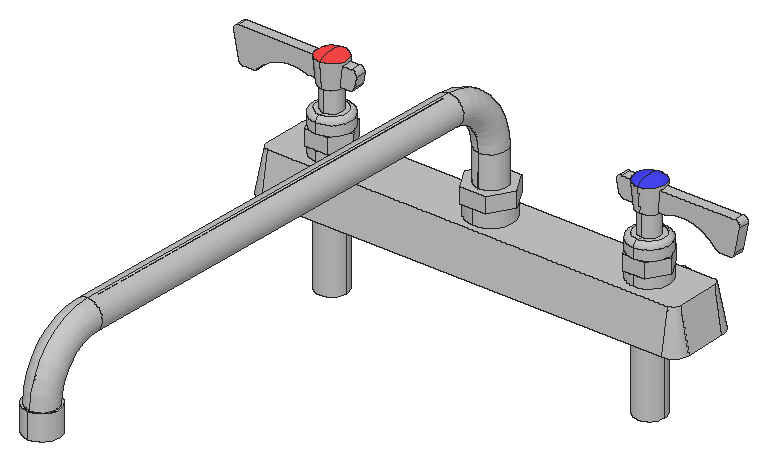
Revit family "Krowne_15-514L_DeckMount_Faucet", category Plumbing Fixtures, Revit 2018
Family settings
  Round Connector Dimension = Use Diameter
  Part Type = Normal
  OmniClass Number = 23.40.40.00
  OmniClass Title = Food Service Equipment and Furnishings
  Work Plane-Based = No
  Always vertical = Yes
  Cut with Voids When Loaded = No
  Shared = No
  Room Calculation Point = No
Parameters (values of type "DefaultType")
  Width = 12 3/4"
  Weight in Pounds = 5
  Watermarked By = ""
  Waste Water Discharge Temperature [instance] = -459.67 °F
  URL Cutsheet = ""
  URL = "https://krowne.com/"
  Status [instance] = ""
  Specification by User [instance] = ""
  Specification by Manufacturer [instance] = ""
  Serial Number [instance] = ""
  Revision Code [instance] = ""
  Plumbing Remarks [instance] = ""
  Plumbing Connection Type = ""
  NAFEM Spec ID Number [instance] = ""
  Model = "15-514L"
  Masterspec [instance] = ""
  Manufacturer = "Krowne Metal"
  KCLRef = "KCL2C9,,0004c596-0000-0000-0000-000000000307,KR,15-514L ,637110199420000000,f5f74cb2-02c1-405e-8a87-10dab4373c69,922ee592-067d-4c89-b397-e1cf95f7b197"
  KCL SpecSheet URL = "http://kclweb.kclcad.com/imagehandler.ashx?kdoc=15-5xxl&R=KR&M=15-514L%20&VC=7&TID=KCLWeb&T=doc"
  Item Number [instance] = "-"
  Installed By [instance] = ""
  Hot Water Temperature = 100 °F
  Hot Water Size = 1/2"
  Hot Water RI Height [instance] = 0"
  Hot Water Minimum Pressure = 0.00 psi
  Hot Water Maximum Pressure = 0.00 psi
  Hot Water Flow = 1.8 GPM
  Hot Water Consumption = 0 GPM
  Hot Water Connection Height = 0"
  Height = 3 3/8"
  Furnished By [instance] = ""
  Foodservice Equipment Identifier = yes
  Description = "Deck Mount Faucet"
  Depth = 1 7/8"
  Cold Water Temperature Recommended = -459.67 °F
  Cold Water Size = 1/2"
  Cold Water RI Height [instance] = 0"
  Cold Water Minimum Pressure = 0.00 psi
  Cold Water Maximum Pressure = 0.00 psi
  Cold Water Flow = 1.8 GPM
  Cold Water Consumption = ""
  Cold Water Connection Height = 0"
  CSI MasterFormat = ""
  Assembly Code = "E1090300"
Reference planes (in)
  plane 1 "BACK": y = 0
  plane 2: z = 0
  plane 3 "LEFT": x = -18.94073
  plane 4 "RIGHT": x = -6.19073
  plane 5 "FRONT": y = -1.875
  plane 6 "TOP": z = 3.375
  plane 7 "CENTER L/R": x = -12.56573
  plane 8 "Top of Body": z = 1.0625
  plane 9: y = -0.9375
  plane 10: z = 2.375
  plane 11: y = -15.0625
  plane 12: z = 4.75
Forms (in)
  Sweep 1, solid, material "QF_Stainless-Polished"
    path origin (-12.56573, 0, 0) x (0, 1, 0) y (0, 0, 1)
      loop
        line (-0.9375, 1.0625) -> (-0.9375, 2.61833)
        arc (-0.9375, 2.61833) -> (-1.32434, 3.57445) -> (-2.26719, 3.99258) r 1.375
        line (-2.26719, 3.99258) -> (-13.64219, 4.36758)
        arc (-13.64219, 4.36758) -> (-14.64362, 3.98149) -> (-15.0625, 2.99333) r 1.375
        line (-15.0625, 2.99333) -> (-15.0625, 2.375)
    profile origin (-12.56573, -0.9375, 1.84042) x (0, -1, 0) y (1, 0, 0)
      loop
        circle (0, 0) r 0.375
      loop
        circle (0, 0) r 0.25
  Extrusion 2, solid, material "QF_Stainless-Polished"
    sketch origin (0, 0, 1.0625) x (0, 1, 0) y (-1, 0, 0)
      loop
        circle (-0.9375, 12.56573) r 0.375
      loop
        circle (-0.9375, 12.56573) r 0.4375
    from 0 to 0.625
  Extrusion 3, solid, material "QF_Stainless-Polished"
    sketch origin (0, 0, 1.0625) x (0, 1, 0) y (-1, 0, 0)
      loop
        circle (-0.9375, 12.56573) r 0.5625
      loop
        circle (-0.9375, 12.56573) r 0.375
    from 0 to 0.375
  Extrusion 4, solid, material "QF_Stainless-Polished"
    sketch origin (0, 0, 1.4375) x (0, 1, 0) y (-1, 0, 0)
      loop
        line (-0.9375, 11.91391) -> (-0.37301, 12.23982) -> (-0.37301, 12.89163) -> (-0.9375, 13.21754) -> (-1.50199, 12.89163) -> (-1.50199, 12.23982) -> (-0.9375, 11.91391)
      loop
        circle (-0.9375, 12.56573) r 0.375
    from 0 to 0.375
  Extrusion 5, solid, material "QF_Stainless-Polished"
    sketch origin (-12.56573, -15.0625, 2.375) x (0, -1, 0) y (-1, 0, 0)
      loop
        circle (0, 0) r 0.375
      loop
        circle (0, 0) r 0.4375
    from 0 to -0.625
Lines and regions (in)
  symbolic lines
    curve 1: line (-12.23982, -0.37301, 0) -> (-12.89163, -0.37301, 0)
    curve 2: line (-12.89163, -0.37301, 0) -> (-13.21754, -0.9375, 0)
    curve 3: line (-13.21754, -0.9375, 0) -> (-12.94073, -1.41696, 0)
    curve 4: line (-12.19073, -1.41696, 0) -> (-11.91391, -0.9375, 0)
    curve 5: line (-11.91391, -0.9375, 0) -> (-12.23982, -0.37301, 0)
    curve 6: arc (-12.56573, -1.3125, 0) -> (-12.94073, -0.9375, 0) -> (-12.56573, -0.5625, 0) r 0.375
    curve 7: arc (-12.56573, -0.5625, 0) -> (-12.19073, -0.9375, 0) -> (-12.56573, -1.3125, 0) r 0.375
    curve 8: arc (-12.94073, -15.0625, 0) -> (-12.83089, -15.32767, 0) -> (-12.56573, -15.4375, 0) r 0.375
    curve 9: arc (-12.56573, -15.4375, 0) -> (-12.30056, -15.32767, 0) -> (-12.19073, -15.0625, 0) r 0.375
    curve 10: line (-12.94073, -15.0625, 0) -> (-12.94073, -0.9375, 0)
    curve 11: line (-12.19073, -0.9375, 0) -> (-12.19073, -15.0625, 0)
Dimensions and locks (in)
  "Width": plane 3 "LEFT" to plane 4 "RIGHT"
  "Depth": plane 5 "FRONT" to plane 1 "BACK"
  "Height": plane 6 "TOP" to plane 2
  plane 8 "Top of Body" to level = 1 1/16"
  equal spacing: plane 5 "FRONT", plane 9, plane 1 "BACK"
  equal spacing: plane 3 "LEFT", plane 7 "CENTER L/R", plane 4 "RIGHT"
  plane 10 to plane 8 "Top of Body" = 1 5/16"
  plane 11 to plane 1 "BACK" = 15 1/16"
  plane 12 to plane 8 "Top of Body" = 3 11/16"
  aligned and locked: level to plane 2
  aligned and locked: plane 9 to Sweep 1 sketch curve
  aligned and locked: Sweep 1 sketch curve to plane 11
  aligned and locked: plane 10 to Sweep 1 sketch curve
Automatic sketch dimensions
  Sweep 1 sketch curve to Sweep 1 sketch curve = 0"  (x2)
  Sweep 1 sketch curve to plane 7 "CENTER L/R" = 0"
  Sweep 1 sketch curve to profile plane = 0"
  Extrusion 2 sketch curve to Extrusion 2 sketch curve = 0"  (x2)
  Extrusion 2 sketch curve to plane 7 "CENTER L/R" = 0"
  plane 9 to Extrusion 2 sketch curve = 0"
  Extrusion 4 sketch curve to Extrusion 4 sketch curve = 0"  (x2)
  Extrusion 4 sketch curve to Extrusion 4 sketch curve = 0.56449"  (x2)
  Extrusion 4 sketch curve to Extrusion 4 sketch curve = 0.32591"  (x5)
  Extrusion 4 sketch curve to Extrusion 4 sketch curve = 0.65182"
  curve 8 to curve 9 = 0"
  plane 9 to curve 2 = 0"
  plane 11 to curve 10 = 0"
  plane 9 to curve 10 = 0"
  curve 6 to plane 7 "CENTER L/R" = 0"
  plane 9 to curve 11 = 0"
  plane 9 to curve 4 = 0"
  plane 9 to curve 6 = 0"
  curve 1 to plane 7 "CENTER L/R" = 0.32591"
  curve 10 to curve 8 = 3/8"
  curve 3 to curve 10 = 0.27682"
  plane 7 "CENTER L/R" to curve 5 = 0.32591"
  curve 11 to curve 4 = 0.27682"
  plane 1 "BACK" to curve 1 = 0.37301"
  curve 3 to curve 6 = 0.10446"
  curve 4 to curve 6 = 0.10446"
  Extrusion 3 sketch curve to Extrusion 3 sketch curve = 0"  (x2)
  Extrusion 3 sketch curve to plane 7 "CENTER L/R" = 0"
  plane 9 to Extrusion 3 sketch curve = 0"
  Sweep 1 sketch curve to plane 8 "Top of Body" = 0"
  Sweep 1 sketch curve to plane 6 "TOP" = 0.38167"
  Sweep 1 sketch curve to plane 12 = 0.38242"
  Sweep 1 sketch curve to Sweep 1 sketch curve = 0.04531"
  plane 5 "FRONT" to Sweep 1 sketch curve = 7/16"
  plane 5 "FRONT" to Sweep 1 sketch curve = 0.39219"
  plane 10 to Sweep 1 sketch curve = 0.24333"
  radius of Sweep 1 sketch curve = 3/8"
  radius of Sweep 1 sketch curve = 1/4"
  radius of Extrusion 2 sketch curve = 3/8"
  radius of Extrusion 2 sketch curve = 7/16"
  radius of Extrusion 4 sketch curve to Extrusion 3 = 0"
  radius of Extrusion 5 sketch curve to Sweep 1 = 0"
  radius of Sweep 1 to Extrusion 5 sketch curve = 1/16"
  radius of Extrusion 3 sketch curve = 9/16"
  radius of Extrusion 3 sketch curve = 3/8"
Nested families (in)
  nested 1: "QF_Krowne_15-5_Body" at (-0.1875, -0.03125, 0), type "QF_Krowne_15-5_Body"
Connectors (in)
  piping at (-16.56573, 0.21875, 0.53125), diameter 0.5, driven by "Hot Water Flow", driven by "Hot Water Size"
    settings: on nested 1, index 1, connector inside diameter 24", connector length 0", flow factor 0, pipe flow 1.8 GPM, pressure drop 0.00 psi, fitting loss kfactor 0, connector angle 0.00°, fixture units 0, engagement length 0", angle of deflection 0.00°, flow configuration 1, flow direction 1, fitting loss method 0, system type 19, joint type 0, gender type 0, connector reference index -1, connector utility 0, adjustable connector no, is connector primary yes, connector description "HOT WATER"
  piping at (-8.56573, 0.21875, 0.53125), diameter 0.5, driven by "Cold Water Flow", driven by "Cold Water Size"
    settings: on nested 1, index 2, connector inside diameter 24", connector length 0", flow factor 0, pipe flow 1.8 GPM, pressure drop 0.00 psi, fitting loss kfactor 0, connector angle 0.00°, fixture units 0, engagement length 0", angle of deflection 0.00°, flow configuration 1, flow direction 1, fitting loss method 0, system type 20, joint type 0, gender type 0, connector reference index -1, connector utility 0, adjustable connector no, is connector primary no, connector description "COLD WATER"
Definition of nested family "QF_Krowne_15-5_Body"
  Parameters (values of type "QF_Krowne_15-5_Body")
    Width = 12 3/4"
    Watermarked By = ""
    Height = 3 7/8"
    Description = ""
    Depth = 1 13/16"
  Reference planes (in)
    plane 1 "BACK": y = 0
    plane 2: z = 0
    plane 3 "LEFT": x = -18.75323
    plane 4 "RIGHT": x = -6.00323
    plane 5 "TOP": z = 3.1875
    plane 6 "Center": x = -12.37823
    plane 7 "Left of Handle": x = -16.37823
    plane 8 "Right of Handle": x = -8.37823
    plane 9 "Top of Body": z = 1.0625
    plane 10 "FRONT": y = -1.8125
    plane 11: x = -17.78448
    plane 12: x = -6.97198
    plane 13 "Faucet Handle Center": y = -0.90625
    plane 14: y = -0.78125
    plane 15: y = -1.03125
    plane 16: z = 0.53125
    plane 17: z = 3.375
  Forms (in)
    Blend 1, solid
      base sketch origin (0, 0, 0) x (1, 0, 0) y (0, 1, 0)
        loop
          line (-17.40948, -1.8125) -> (-7.34698, -1.8125)
          arc (-7.34698, -1.8125) -> (-7.08181, -1.70267) -> (-6.97198, -1.4375) r 0.375
          line (-6.97198, -1.4375) -> (-6.97198, -0.375)
          arc (-6.97198, -0.375) -> (-7.08181, -0.10983) -> (-7.34698, 0) r 0.375
          line (-7.34698, 0) -> (-17.40948, 0)
          arc (-17.40948, 0) -> (-17.67464, -0.10983) -> (-17.78448, -0.375) r 0.375
          line (-17.78448, -0.375) -> (-17.78448, -1.4375)
          arc (-17.78448, -1.4375) -> (-17.67464, -1.70267) -> (-17.40948, -1.8125) r 0.375
      top sketch origin (0, 0, 0) x (1, 0, 0) y (0, 1, 0)
        loop
          arc (-17.59698, -1.4375) -> (-17.54206, -1.57008) -> (-17.40948, -1.625) r 0.1875
          line (-17.40948, -1.625) -> (-7.34698, -1.625)
          arc (-7.34698, -1.625) -> (-7.21439, -1.57008) -> (-7.15948, -1.4375) r 0.1875
          line (-7.15948, -1.4375) -> (-7.15948, -0.375)
          arc (-7.15948, -0.375) -> (-7.21439, -0.24242) -> (-7.34698, -0.1875) r 0.1875
          line (-7.34698, -0.1875) -> (-17.40948, -0.1875)
          arc (-17.40948, -0.1875) -> (-17.54206, -0.24242) -> (-17.59698, -0.375) r 0.1875
          line (-17.59698, -0.375) -> (-17.59698, -1.4375)
      from 0 to 1.0625
    Extrusion 2, solid
      sketch origin (0, 0, 1.0625) x (0, 1, 0) y (-1, 0, 0)
        loop
          circle (-0.90625, 16.37823) r 0.5
        loop
          circle (-0.90625, 8.37823) r 0.5
      from 0 to 0.25
    Extrusion 3, solid
      sketch origin (0, 0, 1.3125) x (0, 1, 0) y (-1, 0, 0)
        loop
          line (-0.90625, 15.81573) -> (-0.41911, 16.09698) -> (-0.41911, 16.65948) -> (-0.90625, 16.94073) -> (-1.39339, 16.65948) -> (-1.39339, 16.09698) -> (-0.90625, 15.81573)
        loop
          line (-0.90625, 7.81573) -> (-0.41911, 8.09698) -> (-0.41911, 8.65948) -> (-0.90625, 8.94073) -> (-1.39339, 8.65948) -> (-1.39339, 8.09698) -> (-0.90625, 7.81573)
      from 0 to 0.375
    Revolve 4, solid
      sketch origin (-16.37823, 0, 0) x (0, 1, 0) y (0, 0, 1)
        loop
          line (-0.90625, 1.6875) -> (-0.40625, 1.6875) -> (-0.40625, 1.9375)
          arc (-0.40625, 1.9375) -> (-0.44286, 2.02589) -> (-0.53125, 2.0625) r 0.125
          line (-0.53125, 2.0625) -> (-0.90625, 2.0625) -> (-0.90625, 1.6875)
        axis (-0.90625, 1.6875) -> (-0.90625, 2.0625)
      angle from 0 to 360
    Revolve 5, solid
      sketch origin (-8.37823, 0, 0) x (0, 1, 0) y (0, 0, 1)
        loop
          line (-0.90625, 1.6875) -> (-0.40625, 1.6875) -> (-0.40625, 1.9375)
          arc (-0.40625, 1.9375) -> (-0.44286, 2.02589) -> (-0.53125, 2.0625) r 0.125
          line (-0.53125, 2.0625) -> (-0.90625, 2.0625) -> (-0.90625, 1.6875)
        axis (-0.90625, 1.6875) -> (-0.90625, 2.0625)
      angle from 0 to 360
    Revolve 6, solid
      sketch origin (-8.37823, 0, 0) x (0, 1, 0) y (0, 0, 1)
        loop
          line (-0.90625, 2.0625) -> (-0.65625, 2.0625) -> (-0.65625, 2.625) -> (-0.90625, 2.625) -> (-0.90625, 2.0625)
        axis (-0.90625, 2.0625) -> (-0.90625, 2.625)
      angle from 0 to 360
    Revolve 7, solid
      sketch origin (-16.37823, 0, 0) x (0, 1, 0) y (0, 0, 1)
        loop
          line (-0.90625, 2.0625) -> (-0.65625, 2.0625) -> (-0.65625, 2.625) -> (-0.90625, 2.625) -> (-0.90625, 2.0625)
        axis (-0.90625, 2.0625) -> (-0.90625, 2.625)
      angle from 0 to 360
    Revolve 8, solid
      sketch origin (-16.37823, 0, 0) x (0, 1, 0) y (0, 0, 1)
        loop
          line (-0.90625, 2.625) -> (-0.59375, 2.625) -> (-0.53125, 3.25) -> (-0.90625, 3.25) -> (-0.90625, 2.625)
        axis (-0.90625, 2.625) -> (-0.90625, 3.25)
      angle from 0 to 360
    Revolve 9, solid
      sketch origin (-8.37823, 0, 0) x (0, 1, 0) y (0, 0, 1)
        loop
          line (-0.90625, 2.625) -> (-0.59375, 2.625) -> (-0.53125, 3.25) -> (-0.90625, 3.25) -> (-0.90625, 2.625)
        axis (-0.90625, 2.625) -> (-0.90625, 3.25)
      angle from 0 to 360
    Revolve 10, solid
      sketch origin (-16.37823, 0, 0) x (0, 1, 0) y (0, 0, 1)
        loop
          line (-0.90625, 3.25) -> (-0.53125, 3.25)
          arc (-0.53125, 3.25) -> (-0.70704, 3.34763) -> (-0.90625, 3.375) r 0.54601
          line (-0.90625, 3.375) -> (-0.90625, 3.25)
        axis (-0.90625, 3.25) -> (-0.90625, 3.375)
      angle from 0 to 360
    Revolve 11, solid
      sketch origin (-8.37823, 0, 0) x (0, 1, 0) y (0, 0, 1)
        loop
          line (-0.90625, 3.25) -> (-0.53125, 3.25)
          arc (-0.53125, 3.25) -> (-0.70704, 3.34763) -> (-0.90625, 3.375) r 0.54601
          line (-0.90625, 3.375) -> (-0.90625, 3.25)
        axis (-0.90625, 3.25) -> (-0.90625, 3.375)
      angle from 0 to 360
    Extrusion 12, solid
      sketch origin (0, 0, 0) x (1, 0, 0) y (0, 0, 1)
        loop
          circle (-16.37823, 0.53125) r 0.25
        loop
          circle (-8.37823, 0.53125) r 0.25
      from 0.21074 to -0.25
    Extrusion 13, solid
      sketch origin (0, -0.90625, 0) x (1, 0, 0) y (0, 0, 1)
        loop
          arc (-18.62823, 3.1875) -> (-18.72489, 3.14175) -> (-18.7508, 3.03799) r 0.125
          line (-18.7508, 3.03799) -> (-18.62581, 2.41303)
          arc (-18.62581, 2.41303) -> (-18.58249, 2.34087) -> (-18.50324, 2.31254) r 0.125
          line (-18.50324, 2.31254) -> (-18.25335, 2.31254)
          arc (-18.25335, 2.31254) -> (-18.20057, 2.32423) -> (-18.15766, 2.35712) r 0.125
          arc (-18.15766, 2.35712) -> (-17.58494, 2.72229) -> (-16.90628, 2.69449) r 1.13354
          arc (-16.90628, 2.69449) -> (-16.88545, 2.68898) -> (-16.86398, 2.68712) r 0.125
          line (-16.86398, 2.68712) -> (-15.83077, 2.68712)
          arc (-15.83077, 2.68712) -> (-15.75152, 2.71545) -> (-15.7082, 2.78761) r 0.125
          line (-15.7082, 2.78761) -> (-15.65813, 3.03799)
          arc (-15.65813, 3.03799) -> (-15.68403, 3.14175) -> (-15.7807, 3.1875) r 0.125
          line (-15.7807, 3.1875) -> (-18.62823, 3.1875)
        loop
          line (-6.12823, 3.1875) -> (-8.97575, 3.1875)
          arc (-8.97575, 3.1875) -> (-9.07242, 3.14175) -> (-9.09832, 3.03799) r 0.125
          line (-9.09832, 3.03799) -> (-9.04825, 2.78761)
          arc (-9.04825, 2.78761) -> (-9.00493, 2.71545) -> (-8.92568, 2.68712) r 0.125
          line (-8.92568, 2.68712) -> (-7.89247, 2.68712)
          arc (-7.89247, 2.68712) -> (-7.871, 2.68898) -> (-7.85017, 2.69449) r 0.125
          arc (-7.85017, 2.69449) -> (-7.17151, 2.72229) -> (-6.59879, 2.35712) r 1.13354
          arc (-6.59879, 2.35712) -> (-6.55588, 2.32423) -> (-6.5031, 2.31254) r 0.125
          line (-6.5031, 2.31254) -> (-6.25321, 2.31254)
          arc (-6.25321, 2.31254) -> (-6.17396, 2.34087) -> (-6.13064, 2.41303) r 0.125
          line (-6.13064, 2.41303) -> (-6.00565, 3.03799)
          arc (-6.00565, 3.03799) -> (-6.03156, 3.14175) -> (-6.12823, 3.1875) r 0.125
      from -0.125 to 0.125
    Extrusion 14, solid
      sketch origin (0, 0, 0) x (1, 0, 0) y (0, 1, 0)
        loop
          circle (-16.37823, -0.90625) r 0.375
      from 0 to -2
    Extrusion 15, solid
      sketch origin (0, 0, 0) x (1, 0, 0) y (0, 1, 0)
        loop
          circle (-8.37823, -0.90625) r 0.375
      from 0 to -2
  Lines and regions (in)
    symbolic lines
      curve 1: line (-18.75323, -0.78125, 1.0625) -> (-15.6557, -0.78125, 1.0625)
      curve 2: line (-18.75323, -1.03125, 1.0625) -> (-18.75323, -0.78125, 1.0625)
      curve 3: line (-15.6557, -1.03125, 1.0625) -> (-18.75323, -1.03125, 1.0625)
      curve 4: line (-15.6557, -0.78125, 1.0625) -> (-15.6557, -1.03125, 1.0625)
      curve 5: line (-6.00323, -0.78125, 1.0625) -> (-9.10075, -0.78125, 1.0625)
      curve 6: line (-6.00323, -1.03125, 1.0625) -> (-6.00323, -0.78125, 1.0625)
      curve 7: line (-9.10075, -1.03125, 1.0625) -> (-6.00323, -1.03125, 1.0625)
      curve 8: line (-9.10075, -0.78125, 1.0625) -> (-9.10075, -1.03125, 1.0625)
      curve 9: line (-7.34698, 0, 1.0625) -> (-17.40948, 0, 1.0625)
      curve 10: line (-6.97198, -1.4375, 1.0625) -> (-6.97198, -1.03125, 1.0625)
      curve 11: line (-17.40948, -1.8125, 1.0625) -> (-7.34698, -1.8125, 1.0625)
      curve 12: line (-17.78448, -0.375, 1.0625) -> (-17.78448, -0.78125, 1.0625)
      curve 13: line (-17.78448, -1.03125, 1.0625) -> (-17.78448, -1.4375, 1.0625)
      curve 14: line (-6.97198, -0.78125, 1.0625) -> (-6.97198, -0.375, 1.0625)
      curve 15: line (-16.65948, -0.41911, 1.0625) -> (-16.86856, -0.78125, 1.0625)
      curve 16: line (-16.65948, -0.41911, 1.0625) -> (-16.09698, -0.41911, 1.0625)
      curve 17: line (-16.09698, -0.41911, 1.0625) -> (-15.88789, -0.78125, 1.0625)
      curve 18: line (-16.09698, -1.39339, 1.0625) -> (-16.65948, -1.39339, 1.0625)
      curve 19: line (-16.65948, -1.39339, 1.0625) -> (-16.86856, -1.03125, 1.0625)
      curve 20: line (-16.09698, -1.39339, 1.0625) -> (-15.88789, -1.03125, 1.0625)
      curve 21: line (-8.65948, -0.41911, 1.0625) -> (-8.09698, -0.41911, 1.0625)
      curve 22: line (-8.09698, -0.41911, 1.0625) -> (-7.88789, -0.78125, 1.0625)
      curve 23: line (-8.65948, -0.41911, 1.0625) -> (-8.86856, -0.78125, 1.0625)
      curve 24: line (-8.09698, -1.39339, 1.0625) -> (-8.65948, -1.39339, 1.0625)
      curve 25: line (-8.65948, -1.39339, 1.0625) -> (-8.86856, -1.03125, 1.0625)
      curve 26: line (-8.09698, -1.39339, 1.0625) -> (-7.88789, -1.03125, 1.0625)
      curve 27: arc (-17.78448, -0.375, 1.0625) -> (-17.67464, -0.10983, 1.0625) -> (-17.40948, 0, 1.0625) r 0.375
      curve 28: arc (-6.97198, -0.375, 1.0625) -> (-7.08181, -0.10983, 1.0625) -> (-7.34698, 0, 1.0625) r 0.375
      curve 29: arc (-6.97198, -1.4375, 1.0625) -> (-7.08181, -1.70267, 1.0625) -> (-7.34698, -1.8125, 1.0625) r 0.375
      curve 30: arc (-17.40948, -1.8125, 1.0625) -> (-17.67464, -1.70267, 1.0625) -> (-17.78448, -1.4375, 1.0625) r 0.375
      curve 31: line (-7.34698, -0.1875, 1.0625) -> (-17.40948, -0.1875, 1.0625)
      curve 32: arc (-17.40948, -0.1875, 1.0625) -> (-17.54206, -0.24242, 1.0625) -> (-17.59698, -0.375, 1.0625) r 0.1875
      curve 33: arc (-17.59698, -1.4375, 1.0625) -> (-17.54206, -1.57008, 1.0625) -> (-17.40948, -1.625, 1.0625) r 0.1875
      curve 34: line (-17.40948, -1.625, 1.0625) -> (-7.34698, -1.625, 1.0625)
      curve 35: arc (-7.34698, -1.625, 1.0625) -> (-7.21439, -1.57008, 1.0625) -> (-7.15948, -1.4375, 1.0625) r 0.1875
      curve 36: arc (-7.15948, -0.375, 1.0625) -> (-7.21439, -0.24242, 1.0625) -> (-7.34698, -0.1875, 1.0625) r 0.1875
      curve 37: line (-7.15948, -0.375, 1.0625) -> (-7.15948, -0.78125, 1.0625)
      curve 38: line (-7.15948, -1.4375, 1.0625) -> (-7.15948, -1.03125, 1.0625)
      curve 39: line (-17.59698, -1.4375, 1.0625) -> (-17.59698, -1.03125, 1.0625)
      curve 40: line (-17.59698, -0.375, 1.0625) -> (-17.59698, -0.78125, 1.0625)
  Dimensions and locks (in)
    "Width": plane 3 "LEFT" to plane 4 "RIGHT"
    plane 9 "Top of Body" to level = 1 1/16"
    equal spacing: plane 10 "FRONT", plane 13 "Faucet Handle Center", plane 1 "BACK"
    equal spacing: plane 15, plane 13 "Faucet Handle Center", plane 14
    locked: plane 15 to plane 14 at 0.25
    equal spacing: plane 9 "Top of Body", plane 16, level
    "Depth": plane 10 "FRONT" to plane 1 "BACK"
    plane 5 "TOP" to level = 3 3/16"
    plane 17 to level = 3 3/8"
    plane 7 "Left of Handle" to plane 8 "Right of Handle" = 8"
    equal spacing: plane 7 "Left of Handle", plane 6 "Center", plane 8 "Right of Handle"
    locked: plane 3 "LEFT" to plane 11 at 0.96875
    locked: plane 12 to plane 4 "RIGHT" at 0.96875
    aligned and locked: level to plane 2
    aligned and locked: plane 9 "Top of Body" to Blend 1
    aligned and locked: Extrusion 3 to Revolve 5 sketch curve
    aligned and locked: Revolve 8 sketch curve to Revolve 8 sketch curve
    aligned and locked: Revolve 9 sketch curve to Revolve 9 sketch curve
    aligned and locked: plane 4 "RIGHT" to curve 6
    aligned and locked: curve 12 to plane 11
    aligned and locked: plane 10 "FRONT" to Blend 1 sketch curve
    aligned and locked: Blend 1 sketch curve to plane 11
    aligned and locked: plane 10 "FRONT" to curve 11
    aligned and locked: plane 13 "Faucet Handle Center" to Revolve 5 sketch curve
    aligned and locked: Extrusion 13 to plane 14
    aligned and locked: plane 15 to Extrusion 13
  Automatic sketch dimensions
    Extrusion 2 sketch curve to plane 8 "Right of Handle" = 0"
    plane 13 "Faucet Handle Center" to Extrusion 2 sketch curve = 0"  (x2)
    Extrusion 2 sketch curve to plane 7 "Left of Handle" = 0"
    Revolve 4 sketch curve to plane 13 "Faucet Handle Center" = 0"  (x2)
    Revolve 4 sketch curve to Revolve 4 sketch curve = 3/8"
    Revolve 4 sketch curve to Revolve 4 sketch curve = 1/8"
    plane 9 "Top of Body" to Revolve 4 sketch curve = 5/8"
    Revolve 4 sketch curve to Revolve 4 sketch curve = 1/4"
    Revolve 4 sketch curve to Revolve 4 sketch curve = 0"  (x2)
    Revolve 5 sketch curve to plane 13 "Faucet Handle Center" = 0"
    Revolve 5 sketch curve to Revolve 5 sketch curve = 3/8"
    Revolve 5 sketch curve to Revolve 5 sketch curve = 1/8"
    Revolve 5 sketch curve to Revolve 5 sketch curve = 0"  (x2)
    Revolve 5 sketch curve to Revolve 5 sketch curve = 1/4"
    Revolve 6 sketch curve to plane 13 "Faucet Handle Center" = 0"  (x2)
    Revolve 6 sketch curve to plane 13 "Faucet Handle Center" = 1/4"
    plane 9 "Top of Body" to Revolve 6 sketch curve = 1"
    Revolve 6 sketch curve to Revolve 6 sketch curve = 9/16"
    Revolve 6 sketch curve to Revolve 6 sketch curve = 3/8"
    Revolve 6 sketch curve to Revolve 6 sketch curve = 0"
    Revolve 7 sketch curve to plane 13 "Faucet Handle Center" = 0"  (x2)
    Revolve 7 sketch curve to Revolve 7 sketch curve = 1/4"
    plane 9 "Top of Body" to Revolve 7 sketch curve = 1"
    Revolve 7 sketch curve to Revolve 7 sketch curve = 9/16"
    Revolve 7 sketch curve to Revolve 7 sketch curve = 3/8"
    Revolve 7 sketch curve to Revolve 7 sketch curve = 0"
    Revolve 8 sketch curve to plane 13 "Faucet Handle Center" = 0"
    Revolve 8 sketch curve to Revolve 8 sketch curve = 5/16"
    plane 5 "TOP" to Revolve 8 sketch curve = 1/16"
    Revolve 8 sketch curve to Revolve 8 sketch curve = 3/8"
    Revolve 8 sketch curve to plane 5 "TOP" = 9/16"
    Revolve 8 sketch curve to Revolve 8 sketch curve = 0"  (x2)
    Revolve 9 sketch curve to plane 13 "Faucet Handle Center" = 0"
    Revolve 9 sketch curve to plane 13 "Faucet Handle Center" = 5/16"
    plane 5 "TOP" to Revolve 9 sketch curve = 1/16"
    Revolve 9 sketch curve to plane 13 "Faucet Handle Center" = 3/8"
    Revolve 9 sketch curve to plane 5 "TOP" = 9/16"
    Revolve 9 sketch curve to Revolve 9 sketch curve = 0"  (x2)
    Revolve 10 sketch curve to plane 13 "Faucet Handle Center" = 0"  (x2)
    Revolve 10 sketch curve to plane 13 "Faucet Handle Center" = 0.02655"
    plane 5 "TOP" to Revolve 10 sketch curve = 1/16"
    Revolve 10 sketch curve to Revolve 10 sketch curve = 3/8"
    Revolve 10 sketch curve to plane 5 "TOP" = 0.35786"
    Revolve 10 sketch curve to Revolve 10 sketch curve = 0"  (x2)
    Revolve 11 sketch curve to plane 13 "Faucet Handle Center" = 0"  (x2)
    Revolve 11 sketch curve to plane 13 "Faucet Handle Center" = 0.02655"
    plane 5 "TOP" to Revolve 11 sketch curve = 1/16"
    Revolve 11 sketch curve to Revolve 11 sketch curve = 3/8"
    Revolve 11 sketch curve to plane 5 "TOP" = 0.35786"
    Revolve 11 sketch curve to Revolve 11 sketch curve = 0"  (x2)
    Extrusion 12 sketch curve to plane 7 "Left of Handle" = 0"
    Extrusion 12 sketch curve to plane 8 "Right of Handle" = 0"
    Extrusion 12 sketch curve to plane 16 = 0"  (x2)
    plane 11 to Blend 1 sketch curve = 3/8"
    Blend 1 sketch curve to Blend 1 sketch curve = 3/8"
    plane 1 "BACK" to Blend 1 sketch curve = 3/8"  (x2)
    Blend 1 sketch curve to plane 12 = 3/8"
    Blend 1 sketch curve to plane 12 = 3/16"
    Blend 1 sketch curve to Blend 1 sketch curve = 3/16"  (x4)
    plane 11 to Blend 1 sketch curve = 3/16"
    Blend 1 sketch curve to plane 10 "FRONT" = 3/8"
    plane 1 "BACK" to Blend 1 sketch curve = 0"
    Blend 1 sketch curve to plane 12 = 0"
    curve 27 to curve 32 = 0"  (x2)
    curve 28 to curve 36 = 0"  (x2)
    curve 29 to curve 35 = 0"  (x2)
    curve 30 to curve 33 = 0"  (x2)
    curve 30 to plane 11 = 0"
    curve 29 to plane 12 = 0"
    plane 15 to curve 4 = 0"
    plane 15 to curve 26 = 0"
    plane 14 to curve 40 = 0"
    plane 14 to curve 23 = 0"
    curve 14 to plane 12 = 0"
    plane 1 "BACK" to curve 9 = 0"
    curve 34 to plane 10 "FRONT" = 3/16"
    curve 33 to curve 33 = 3/16"
    curve 34 to curve 35 = 3/16"
    plane 15 to curve 26 = 0.36214"
    plane 15 to curve 20 = 0.36214"
    curve 17 to plane 14 = 0.36214"
    curve 23 to plane 14 = 0.36214"
    curve 27 to curve 27 = 3/8"
    plane 1 "BACK" to curve 14 = 3/8"
    curve 31 to curve 28 = 3/16"
    plane 8 "Right of Handle" to curve 22 = 9/32"
    plane 8 "Right of Handle" to curve 24 = 9/32"
    curve 24 to plane 8 "Right of Handle" = 9/32"
    curve 21 to plane 8 "Right of Handle" = 9/32"
    curve 21 to curve 8 = 0.44128"
    plane 7 "Left of Handle" to curve 4 = 0.72253"
    plane 7 "Left of Handle" to curve 20 = 9/32"
    plane 7 "Left of Handle" to curve 17 = 9/32"
    curve 19 to plane 7 "Left of Handle" = 9/32"
    curve 16 to plane 7 "Left of Handle" = 9/32"
    curve 2 to plane 3 "LEFT" = 0"
    curve 22 to curve 21 = 0.20908"
    curve 26 to curve 22 = 0"
    curve 23 to curve 5 = 0.2322"
    curve 25 to curve 7 = 0.2322"
    curve 3 to curve 20 = 0.2322"
    curve 1 to curve 17 = 0.2322"
    curve 18 to curve 19 = 0.20908"
    curve 15 to curve 19 = 0"
    Extrusion 3 sketch curve to Extrusion 3 sketch curve = 0"
    Extrusion 3 sketch curve to Extrusion 3 sketch curve = 0.48714"  (x6)
    Extrusion 3 sketch curve to Extrusion 3 sketch curve = 9/32"  (x6)
    Extrusion 3 sketch curve to Extrusion 3 sketch curve = 9/16"  (x4)
    Extrusion 3 sketch curve to Extrusion 3 sketch curve = 6 7/8"
    Extrusion 13 sketch curve to plane 5 "TOP" = 0"  (x2)
    Extrusion 13 sketch curve to plane 7 "Left of Handle" = 2.37257"
    Extrusion 13 sketch curve to plane 7 "Left of Handle" = 2 1/4"
    Extrusion 13 sketch curve to plane 7 "Left of Handle" = 2.24759"
    Extrusion 13 sketch curve to plane 7 "Left of Handle" = 2 1/8"
    Extrusion 13 sketch curve to Extrusion 13 sketch curve = 0.24989"
    plane 9 "Top of Body" to Extrusion 13 sketch curve = 0.56533"  (x2)
    Extrusion 13 sketch curve to Extrusion 13 sketch curve = 0.96348"
    Extrusion 13 sketch curve to plane 5 "TOP" = 0.50038"  (x2)
    Extrusion 13 sketch curve to Extrusion 13 sketch curve = 0.42589"  (x2)
    Extrusion 13 sketch curve to Extrusion 13 sketch curve = 1.03321"  (x2)
    Extrusion 13 sketch curve to plane 5 "TOP" = 1/8"  (x2)
    Extrusion 13 sketch curve to Extrusion 13 sketch curve = 0.05007"  (x2)
    Extrusion 13 sketch curve to plane 5 "TOP" = 0.39989"  (x2)
    Extrusion 13 sketch curve to Extrusion 13 sketch curve = 0.12257"  (x3)
    Extrusion 13 sketch curve to plane 5 "TOP" = 0.14951"  (x4)
    plane 6 "Center" to Extrusion 13 sketch curve = 3.2799"
    plane 8 "Right of Handle" to Extrusion 13 sketch curve = 1.87513"
    plane 8 "Right of Handle" to Extrusion 13 sketch curve = 2 1/8"
    plane 8 "Right of Handle" to Extrusion 13 sketch curve = 2.24759"
    plane 8 "Right of Handle" to Extrusion 13 sketch curve = 2 1/4"
    Extrusion 13 sketch curve to plane 5 "TOP" = 0.87496"
    Extrusion 13 sketch curve to Extrusion 13 sketch curve = 0.74996"
    Extrusion 13 sketch curve to Extrusion 13 sketch curve = 0.10049"  (x2)
    Extrusion 13 sketch curve to Extrusion 13 sketch curve = 1/8"  (x4)
    Extrusion 13 sketch curve to Extrusion 13 sketch curve = 0"  (x2)
    Extrusion 14 sketch curve to plane 7 "Left of Handle" = 0"
    plane 13 "Faucet Handle Center" to Extrusion 14 sketch curve = 0"
    Extrusion 15 sketch curve to plane 8 "Right of Handle" = 0"
    plane 13 "Faucet Handle Center" to Extrusion 15 sketch curve = 0"
    radius of Extrusion 2 sketch curve = 1/2"  (x2)
    radius of Extrusion 12 sketch curve = 1/4"  (x2)
    radius of Extrusion 14 sketch curve = 3/8"
    radius of Extrusion 15 sketch curve = 3/8"
